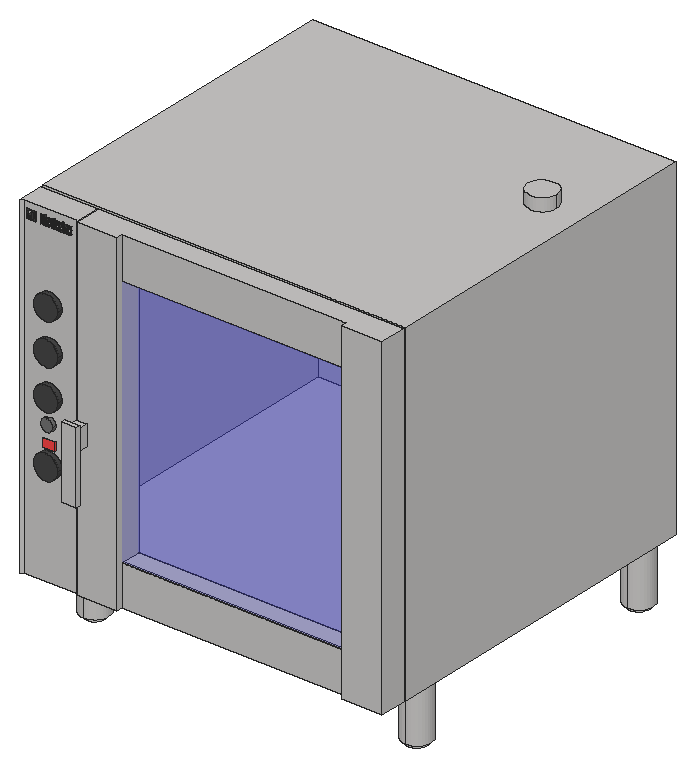
Revit family "QF_ELECTROLUXPROFESSIONAL_240004_FCF10EOEM", category Specialty Equipment, Revit 2018
Family settings
  Round Connector Dimension = Use Diameter
  Part Type = Normal
  Work Plane-Based = No
  Always vertical = Yes
  Cut with Voids When Loaded = No
  Shared = No
  Room Calculation Point = No
Parameters (values of type "Standard")
  Weight = 121.20 kg
  Watts = 0 W
  Volts = 380 V
  URL Manufacturer = "http://professional.electrolux.com"
  URL = "http://professional.electrolux.com"
  Steam Supply Size = 0 mm
  Steam Supply Minimum Pressure = 0.0 Pa
  Steam Supply Maximum Pressure = 0.0 Pa
  Steam Pounds per Hour = 0
  Refrigeration Suction Line Size = 0 mm
  Refrigeration Liquid Line Size = 0 mm
  Refrigerant Compressor Remote = yes
  Manufacturer = "Electrolux Professional"
  Phase = 3
  Model = "FCF10EOEM"
  Length Actual = 890 mm  # constant formula
  Item Number = "240004"
  Hot Water Size = 0 mm
  Height Actual = 970 mm  # constant formula
  HP = "23.2 HP"
  Gas Size = 0 mm
  Gas KW = 0
  Gas Input Pressure = 0 W
  Direct Waste Size = 25 mm
  Description = "EL.CONV.OVEN 10GN1/1-SMART STEAM"
  Depth Actual = 900 mm  # constant formula
  Cycle = 50 Hz
  Condensate Return Size = 0 mm
  Compressed Air Volume = 0.0 L/s
  Compressed Air Size = 0 mm
  Compressed Air Pressure = 0.0 Pa
  Cold Water Size = 19.05 mm
  Accessory = yes
Types (2, lengths in mm): name | URL | Manufacturer | Phase | Model | Description | Cold Water Size
  (no name) | 0 | 0 | 0 | 0 | 0 | 0
  Standard | "http://professional.electrolux.com" | "Electrolux Professional" | 3 | "FCF10EOEM" | "EL.CONV.OVEN 10GN1/1-SMART STEAM" | 19.05
Values of the unnamed type that differ from the named types
  Volts = 0 V
  URL Manufacturer = ""
  Item Number = ""
  Cycle = 0 Hz
Reference planes
  plane 1 "Center (Front/Back)": y = 137.5
  plane 2: z = 0
  plane 3 "Center (Left/Right)": x = 0
  plane 4 "TOP": z = 1670
  plane 5 "FRONT": y = -312.5
  plane 6 "BACK": y = 587.5
  plane 7 "LEFT": x = -445
  plane 8 "RIGHT": x = 445
  plane 9 "FEET": z = 700
  plane 10 "BASE": z = 850
  plane 11: y = -247.5
  plane 12 "DrainX": y = 387.5
  plane 13 "DrainY": x = -139
  plane 14 "CWI_Y": x = -365
  plane 15 "CWI_X": y = 162.5
  plane 16 "FbY": y = 537.5
  plane 17 "FfY": y = -143.5
  plane 18 "FLr": x = 395
  plane 19 "FLx": x = -395
  plane 20 "EIy": x = -346
  plane 21 "EIx": y = -72.5
Forms (mm)
  Extrusion 1, solid, material "QF_Finishes_Stainless Steel"
    sketch origin (0, 0, 0) x (1, 0, 0) y (0, 1, 0)
      loop
        line (-445, 587.5) -> (-445, -240.5) -> (445, -240.5) -> (445, 587.5) -> (-445, 587.5)
    from 850 to 1670
  Extrusion 2, solid
    sketch origin (83, 224.27, 846.8) x (0, 1, 0) y (-1, 0, 0)
      loop
        circle (-297, 429) r 10
    from 0 to 3.2
  Extrusion 3, void
    sketch origin (0, 587.5, 0) x (-1, 0, 0) y (0, 0, 1)
      loop
        line (385, 1620) -> (-385, 1620) -> (-385, 933.452) -> (385, 933.452) -> (385, 1620)
    from -59 to -900
  Extrusion 4, solid, material "QF_Finishes_Stainless Steel"
    sketch origin (0, 0, 850) x (-1, 0, 0) y (0, -1, 0)
      loop
        circle (139, -387.5) r 16.5
    from -2 to 0
  Extrusion 5, solid, material "QF_Finishes_Stainless Steel"
    sketch origin (0, 0, 850) x (-1, 0, 0) y (0, -1, 0)
      loop
        circle (365, -162.5) r 16.5
    from -2 to 0
  Extrusion 6, solid, material "QF_Finishes_Stainless Steel"
    sketch origin (0, 0, 850) x (-1, 0, 0) y (0, -1, 0)
      loop
        line (438.535, 307.5) -> (310, 307.5) -> (305, 312.5) -> (305, 247.5) -> (443.535, 247.5) -> (443.535, 312.5) -> (438.535, 307.5)
    from 820 to 0
  Extrusion 7, solid, material "QF_Finishes_Stainless Steel"
    sketch origin (0, 0, 850) x (-1, 0, 0) y (0, -1, 0)
      loop
        line (305, 312.5) -> (205, 312.5) -> (205, 297.5) -> (-345, 297.5) -> (-345, 312.5) -> (-445, 312.5) -> (-445, 247.5) -> (305, 247.5) -> (305, 312.5)
    from 820 to 0
  Extrusion 8, solid, material "QF_Finishes_Stainless Steel"
    sketch origin (0, -312.5, -175) x (-1, 0, 0) y (0, 0, 1)
      loop
        line (305, 1410) -> (280, 1410) -> (280, 1360) -> (305, 1360) -> (305, 1410)
    from 0 to -28
  Extrusion 9, solid, material "QF_Finishes_Stainless Steel"
    sketch origin (-5, -312.5, -175) x (-1, 0, 0) y (0, 0, 1)
      loop
        line (305, 1420) -> (270, 1420) -> (270, 1245) -> (305, 1245) -> (305, 1420)
    from -28 to -38
  Extrusion 10, void
    sketch origin (0, -312.5, 0) x (-1, 0, 0) y (0, 0, 1)
      loop
        line (205, 1570) -> (-345, 1570) -> (-345, 950) -> (205, 950) -> (205, 1570)
    from 72 to 0
  Extrusion 11, solid, material "Glass"
    sketch origin (0, -312.5, 0) x (-1, 0, 0) y (0, 0, 1)
      loop
        line (-345, 950) -> (205, 950) -> (205, 1570) -> (-345, 1570) -> (-345, 950)
    from 15 to 17
  Extrusion 12, solid, material "Glass"
    sketch origin (0, -312.5, 0) x (-1, 0, 0) y (0, 0, 1)
      loop
        line (-345, 950) -> (205, 950) -> (205, 1570) -> (-345, 1570) -> (-345, 950)
    from 65 to 63
  Extrusion 13, solid, material "QF_Finishes_Stainless Steel"
    sketch origin (0, 0, 700) x (0, 1, 0) y (-1, 0, 0)
      loop
        circle (537.5, -395) r 25
      loop
        circle (-143.5, -395) r 25
      loop
        circle (-143.5, 395) r 25
      loop
        circle (537.5, 395) r 25
    from 10 to 0
  Extrusion 14, solid, material "QF_Finishes_Stainless Steel"
    sketch origin (0, 0, 700) x (0, 1, 0) y (-1, 0, 0)
      loop
        circle (537.5, -395) r 35
      loop
        circle (-143.5, -395) r 35
      loop
        circle (-143.5, 395) r 35
      loop
        circle (537.5, 395) r 35
    from 10 to 150
  Extrusion 15, solid, material "QF_Finishes_Stainless Steel"
    sketch origin (0, 0, 1670) x (-1, 0, 0) y (0, -1, 0)
      loop
        circle (-344.5, -304.5) r 35
    from 30 to 0
  Extrusion 16, solid, material "QF_Finishes_Black"
    sketch origin (0, -312.5, 0) x (-1, 0, 0) y (0, 0, 1)
      loop
        circle (375, 1460) r 30
      loop
        circle (375, 1360) r 30
      loop
        circle (375, 1260) r 30
      loop
        circle (375, 1110) r 30
    from 5 to -7
  Extrusion 17, solid, material "QF_Finishes_Dark Grey"
    sketch origin (0, -312.5, 0) x (-1, 0, 0) y (0, 0, 1)
      loop
        circle (375, 1200) r 15
    from 5 to -3
  Extrusion 18, solid, material "QF_Finishes_Red"
    sketch origin (0, -312.5, -40) x (-1, 0, 0) y (0, 0, 1)
      loop
        line (360, 1185) -> (390, 1185) -> (390, 1205) -> (360, 1205) -> (360, 1185)
    from 5 to 3.4
  Extrusion 19, solid, material "QF_Finishes_Black"
    sketch origin (0, -312.5, 0) x (-1, 0, 0) y (0, 0, 1)
      loop
        arc (416.043, 1653.92) -> (408.726, 1644.022) -> (416.043, 1634.125) r 10.352
        line (416.043, 1634.125) -> (416.043, 1653.92)
      loop
        line (417.05, 1653.92) -> (417.05, 1652.486)
        arc (417.05, 1652.486) -> (420.124, 1646.971) -> (425.974, 1644.596) r 9.509
        line (425.974, 1644.596) -> (429.249, 1644.596)
        arc (429.249, 1644.596) -> (425.282, 1652.049) -> (417.05, 1653.92) r 10.145
      loop
        line (417.05, 1635.558) -> (417.05, 1633.871)
        arc (417.05, 1633.871) -> (425.289, 1635.935) -> (429.249, 1643.449) r 10.411
        line (429.249, 1643.449) -> (425.974, 1643.449)
        arc (425.974, 1643.449) -> (420.124, 1641.074) -> (417.05, 1635.558) r 9.509
      loop
        line (430, 1655) -> (407.97, 1655) -> (407.97, 1633) -> (430, 1633) -> (430, 1655)
    from 5 to 3.4
  Extrusion 20, solid, material "QF_Finishes_Black"
    sketch origin (0, -312.5, 0) x (-1, 0, 0) y (0, 0, 1)
      loop
        line (388.252, 1654.787) -> (388.252, 1652.843) -> (393.622, 1652.843) -> (393.622, 1650.005) -> (388.574, 1650.005) -> (388.574, 1648.055) -> (393.622, 1648.055) -> (393.622, 1646.338)
        arc (393.622, 1646.338) -> (393.097, 1645.146) -> (391.863, 1644.729) r 1.615
        line (391.863, 1644.729) -> (388.108, 1644.729) -> (388.108, 1642.787) -> (392.347, 1642.787)
        arc (392.347, 1642.787) -> (394.71, 1643.765) -> (395.688, 1646.128) r 3.341
        line (395.688, 1646.128) -> (395.688, 1654.787) -> (388.252, 1654.787)
      loop
        line (386.64, 1654.787) -> (384.573, 1654.787) -> (384.573, 1642.787) -> (386.64, 1642.787) -> (386.64, 1654.787)
      loop
        line (341.748, 1654.787) -> (339.68, 1654.787) -> (339.68, 1642.787) -> (341.748, 1642.787) -> (341.748, 1654.787)
      loop
        arc (381.155, 1646.619) -> (380.764, 1645.308) -> (379.625, 1644.549) r 2.013
        arc (379.625, 1644.549) -> (377.758, 1644.387) -> (376.151, 1645.352) r 3.039
        line (376.151, 1645.352) -> (374.926, 1644.127)
        arc (374.926, 1644.127) -> (376.817, 1642.854) -> (379.072, 1642.522) r 5.15
        arc (379.072, 1642.522) -> (381.969, 1643.722) -> (383.169, 1646.619) r 4.097
        arc (383.169, 1646.619) -> (382.257, 1650.083) -> (379.062, 1651.704) r 4.373
        arc (379.062, 1651.704) -> (375.433, 1650.345) -> (374.372, 1646.619) r 4.298
        line (374.372, 1646.619) -> (381.155, 1646.619)
      loop
        arc (381.103, 1648.072) -> (380.193, 1649.521) -> (378.538, 1649.953) r 2.321
        arc (378.538, 1649.953) -> (377.102, 1649.447) -> (376.449, 1648.072) r 1.983
        line (376.449, 1648.072) -> (381.103, 1648.072)
      loop
        arc (366.315, 1648.937) -> (367.979, 1649.847) -> (369.853, 1649.561) r 2.961
        arc (369.853, 1649.561) -> (371.024, 1648.32) -> (371.163, 1646.619) r 2.578
        arc (371.163, 1646.619) -> (369.167, 1644.468) -> (366.381, 1645.39) r 2.714
        line (366.381, 1645.39) -> (365.09, 1644.099)
        arc (365.09, 1644.099) -> (370.554, 1642.969) -> (373.223, 1647.869) r 4.684
        arc (373.223, 1647.869) -> (371.639, 1650.663) -> (368.623, 1651.765) r 4.652
        arc (368.623, 1651.765) -> (366.645, 1651.413) -> (365.017, 1650.235) r 4.497
        line (365.017, 1650.235) -> (366.315, 1648.937)
      loop
        line (363.748, 1654.787) -> (361.681, 1654.787) -> (361.681, 1651.466) -> (359.803, 1651.466) -> (359.803, 1649.588) -> (361.681, 1649.588) -> (361.681, 1646.619)
        arc (361.681, 1646.619) -> (361.503, 1645.669) -> (360.838, 1644.966) r 1.713
        arc (360.838, 1644.966) -> (360.32, 1644.761) -> (359.765, 1644.718) r 1.862
        line (359.765, 1644.718) -> (359.765, 1642.782)
        arc (359.765, 1642.782) -> (361.633, 1643.028) -> (363.109, 1644.201) r 3.531
        arc (363.109, 1644.201) -> (363.569, 1645.356) -> (363.748, 1646.587) r 5.301
        line (363.748, 1646.587) -> (363.748, 1654.787)
      loop
        line (356.014, 1647.349) -> (356.014, 1642.787) -> (358.064, 1642.787) -> (358.064, 1651.466) -> (356.014, 1651.466) -> (356.014, 1650.215)
        arc (356.014, 1650.215) -> (354.628, 1651.404) -> (352.81, 1651.575) r 3.016
        line (352.81, 1651.575) -> (352.81, 1649.588)
        arc (352.81, 1649.588) -> (354.202, 1649.617) -> (355.44, 1648.981) r 2.84
        arc (355.44, 1648.981) -> (355.866, 1648.214) -> (356.014, 1647.349) r 2.607
      loop
        circle (347.756, 1647.125) r 4.599
      loop
        circle (347.756, 1647.125) r 2.787
      loop
        line (332.225, 1646.401) -> (332.225, 1651.466) -> (330.141, 1651.466) -> (330.141, 1646.314)
        arc (330.141, 1646.314) -> (331.296, 1643.554) -> (334.12, 1642.567) r 3.675
        arc (334.12, 1642.567) -> (336.913, 1643.525) -> (338.099, 1646.229) r 3.675
        line (338.099, 1646.229) -> (338.099, 1651.466) -> (336.015, 1651.466) -> (336.015, 1646.401)
        arc (336.015, 1646.401) -> (335.504, 1644.998) -> (334.12, 1644.439) r 1.835
        arc (334.12, 1644.439) -> (332.735, 1644.998) -> (332.225, 1646.401) r 1.835
      loop
        line (328.892, 1651.466) -> (326.656, 1651.466) -> (324.784, 1648.889) -> (322.883, 1651.466) -> (320.627, 1651.466) -> (323.599, 1647.438) -> (320.348, 1642.784) -> (322.556, 1642.784) -> (324.777, 1645.841) -> (326.966, 1642.784) -> (329.188, 1642.784) -> (325.89, 1647.391) -> (328.892, 1651.466)
      loop
        arc (394.526, 1637.812) -> (393.16, 1636.566) -> (394.275, 1635.091) r 1.372
        line (394.275, 1635.091) -> (395.272, 1635.091) -> (395.272, 1633.662) -> (396.174, 1633.662) -> (396.174, 1637.812) -> (394.526, 1637.812)
      loop
        line (394.314, 1635.907) -> (395.272, 1635.907) -> (395.272, 1636.974) -> (394.314, 1636.974)
        arc (394.314, 1636.974) -> (393.973, 1636.44) -> (394.314, 1635.907) r 0.587
      loop
        arc (388.014, 1637.812) -> (387.056, 1637.422) -> (386.644, 1636.474) r 1.37
        arc (386.644, 1636.474) -> (386.775, 1635.879) -> (387.167, 1635.412) r 1.281
        line (387.167, 1635.412) -> (386.35, 1633.662) -> (387.319, 1633.662) -> (387.916, 1635.091) -> (388.788, 1635.091) -> (388.788, 1633.662) -> (389.69, 1633.662) -> (389.69, 1637.812) -> (388.014, 1637.812)
      loop
        line (388.788, 1636.974) -> (387.831, 1636.974)
        arc (387.831, 1636.974) -> (387.489, 1636.44) -> (387.831, 1635.907) r 0.587
        line (387.831, 1635.907) -> (388.788, 1635.907) -> (388.788, 1636.974)
      loop
        circle (381.052, 1635.737) r 2.156
      loop
        circle (381.052, 1635.737) r 1.368
      loop
        line (375.353, 1637.812) -> (372.762, 1637.812) -> (372.762, 1636.918) -> (374.473, 1636.918) -> (374.473, 1636.042) -> (372.911, 1636.042) -> (372.911, 1635.112) -> (374.473, 1635.112) -> (374.473, 1633.662) -> (375.353, 1633.662) -> (375.353, 1637.812)
      loop
        line (369.262, 1637.812) -> (366.635, 1637.812) -> (366.635, 1637.028) -> (368.409, 1637.028) -> (368.409, 1636.211) -> (366.75, 1636.211) -> (366.75, 1635.427) -> (368.409, 1635.427)
        arc (368.409, 1635.427) -> (368.318, 1634.832) -> (367.854, 1634.449) r 0.845
        line (367.854, 1634.449) -> (366.595, 1634.449) -> (366.595, 1633.665) -> (367.934, 1633.665)
        arc (367.934, 1633.665) -> (368.879, 1634.06) -> (369.262, 1635.01) r 1.327
        line (369.262, 1635.01) -> (369.262, 1637.812)
      loop
        line (354.233, 1637.286) -> (354.707, 1636.664)
        arc (354.707, 1636.664) -> (355.069, 1636.985) -> (355.54, 1637.098) r 0.998
        arc (355.54, 1637.098) -> (355.933, 1636.785) -> (355.661, 1636.362) r 0.375
        arc (355.661, 1636.362) -> (355.19, 1636.186) -> (354.731, 1635.981) r 8.236
        arc (354.731, 1635.981) -> (354.369, 1635.744) -> (354.085, 1635.417) r 1.564
        arc (354.085, 1635.417) -> (353.953, 1634.706) -> (354.208, 1634.03) r 1.349
        arc (354.208, 1634.03) -> (354.784, 1633.724) -> (355.423, 1633.596) r 2.246
        arc (355.423, 1633.596) -> (355.94, 1633.648) -> (356.418, 1633.852) r 1.719
        arc (356.418, 1633.852) -> (356.84, 1634.233) -> (357.101, 1634.738) r 1.595
        line (357.101, 1634.738) -> (356.375, 1635.076)
        arc (356.375, 1635.076) -> (356.169, 1634.715) -> (355.832, 1634.472) r 0.983
        arc (355.832, 1634.472) -> (355.441, 1634.373) -> (355.049, 1634.466) r 0.846
        arc (355.049, 1634.466) -> (354.838, 1634.889) -> (355.144, 1635.25) r 0.43
        arc (355.144, 1635.25) -> (355.63, 1635.485) -> (356.141, 1635.655) r 4.201
        arc (356.141, 1635.655) -> (356.748, 1636.382) -> (356.651, 1637.325) r 1.217
        arc (356.651, 1637.325) -> (356.122, 1637.723) -> (355.479, 1637.881) r 1.645
        arc (355.479, 1637.881) -> (354.783, 1637.737) -> (354.233, 1637.286) r 1.485
      loop
        line (350.426, 1637.812) -> (349.573, 1637.812) -> (349.573, 1633.665) -> (350.426, 1633.665) -> (350.426, 1637.812)
      loop
        circle (343.824, 1635.739) r 1.29
      loop
        circle (343.824, 1635.739) r 2.154
      loop
        line (338.103, 1633.665) -> (338.103, 1637.812) -> (337.273, 1637.812) -> (335.376, 1635.126) -> (335.376, 1637.812) -> (334.515, 1637.812) -> (334.515, 1633.665) -> (335.344, 1633.665) -> (337.241, 1636.273) -> (337.241, 1633.665) -> (338.103, 1633.665)
      loop
        line (330.216, 1633.665) -> (331.131, 1633.665) -> (329.509, 1637.812) -> (328.709, 1637.812) -> (326.957, 1633.665) -> (327.874, 1633.665) -> (328.278, 1634.56) -> (329.812, 1634.56) -> (330.216, 1633.665)
      loop
        line (328.66, 1635.411) -> (329.47, 1635.411) -> (329.071, 1636.322) -> (328.66, 1635.411)
      loop
        line (322.722, 1634.449) -> (321.127, 1634.449) -> (321.127, 1633.665) -> (323.575, 1633.665) -> (323.575, 1637.812) -> (322.722, 1637.812) -> (322.722, 1634.449)
      loop
        line (360.451, 1637.286) -> (360.925, 1636.664)
        arc (360.925, 1636.664) -> (361.287, 1636.985) -> (361.757, 1637.098) r 0.998
        arc (361.757, 1637.098) -> (362.15, 1636.785) -> (361.878, 1636.362) r 0.375
        arc (361.878, 1636.362) -> (361.408, 1636.186) -> (360.949, 1635.981) r 8.236
        arc (360.949, 1635.981) -> (360.586, 1635.744) -> (360.302, 1635.417) r 1.564
        arc (360.302, 1635.417) -> (360.171, 1634.706) -> (360.425, 1634.03) r 1.349
        arc (360.425, 1634.03) -> (361.001, 1633.724) -> (361.641, 1633.596) r 2.246
        arc (361.641, 1633.596) -> (362.158, 1633.648) -> (362.636, 1633.852) r 1.719
        arc (362.636, 1633.852) -> (363.057, 1634.233) -> (363.319, 1634.738) r 1.595
        line (363.319, 1634.738) -> (362.593, 1635.076)
        arc (362.593, 1635.076) -> (362.386, 1634.715) -> (362.049, 1634.472) r 0.983
        arc (362.049, 1634.472) -> (361.659, 1634.373) -> (361.267, 1634.466) r 0.846
        arc (361.267, 1634.466) -> (361.055, 1634.889) -> (361.362, 1635.25) r 0.43
        arc (361.362, 1635.25) -> (361.847, 1635.485) -> (362.358, 1635.655) r 4.201
        arc (362.358, 1635.655) -> (362.966, 1636.382) -> (362.868, 1637.325) r 1.217
        arc (362.868, 1637.325) -> (362.34, 1637.723) -> (361.697, 1637.881) r 1.645
        arc (361.697, 1637.881) -> (361, 1637.737) -> (360.451, 1637.286) r 1.485
    from 5 to 3.4
Cuts and joins
  Extrusion 3 cuts Extrusion 1
  Extrusion 10 cuts Extrusion 7
Lines and regions (mm)
  symbolic lines
    curve 1: line (445, 587.5, 1670) -> (-445, 587.5, 1670)
    curve 2: line (-445, 587.5, 1670) -> (-445, -240.5, 1670)
    curve 3: line (445, -240.5, 1670) -> (445, 587.5, 1670)
    curve 4: circle (344.5, 304.5, 1670) r 35 normal (0, 0, 1)
    curve 5: line (-445, -240.5, 1670) -> (445, -240.5, 1670)
    curve 6: line (-443.535, -247.5, 1670) -> (-443.535, -312.5, 1670)
    curve 7: line (-305, -247.5, 1670) -> (-443.535, -247.5, 1670)
    curve 8: line (-443.535, -312.5, 1670) -> (-438.535, -307.5, 1670)
    curve 9: line (-438.535, -307.5, 1670) -> (-310, -307.5, 1670)
    curve 10: line (-310, -307.5, 1670) -> (-305, -312.5, 1670)
    curve 11: line (-305, -312.5, 1670) -> (-305, -340.5, 1670)
    curve 12: line (-280, -340.5, 1670) -> (-280, -312.5, 1670)
    curve 13: line (-275, -340.5, 1670) -> (-310, -340.5, 1670)
    curve 14: line (-310, -350.5, 1670) -> (-275, -350.5, 1670)
    curve 15: line (-310, -340.5, 1670) -> (-310, -350.5, 1670)
    curve 16: line (-275, -350.5, 1670) -> (-275, -340.5, 1670)
    curve 17: line (-305, -312.5, 1670) -> (-205, -312.5, 1670)
    curve 18: line (-405, -319.5, 1670) -> (-345, -319.5, 1670)
    curve 19: line (-405, -319.5, 1670) -> (-405, -307.5, 1670)
    curve 20: line (-345, -319.5, 1670) -> (-345, -307.5, 1670)
    curve 21: line (-205, -312.5, 1670) -> (-205, -247.5, 1670)
    curve 22: line (345, -312.5, 1670) -> (445, -312.5, 1670)
    curve 23: line (445, -312.5, 1670) -> (445, -247.5, 1670)
    curve 24: line (445, -247.5, 1670) -> (-305, -247.5, 1670)
    curve 25: line (-205, -307.5, 1670) -> (345, -307.5, 1670)
    curve 26: line (-305, -247.5, 1670) -> (-305, -312.5, 1670)
    curve 27: line (345, -247.5, 1670) -> (345, -312.5, 1670)
Dimensions and locks
  equal spacing: plane 7 "LEFT", plane 3 "Center (Left/Right)", plane 8 "RIGHT"
  plane 7 "LEFT" to plane 8 "RIGHT" = 890 mm
  plane 6 "BACK" to plane 5 "FRONT" = 900 mm
  plane 4 "TOP" to plane 2 = 1670 mm
  equal spacing: plane 8 "RIGHT", plane 3 "Center (Left/Right)", plane 7 "LEFT"
  cut or joined group of Extrusion 1, Extrusion 3 to cut or joined group of Extrusion 1, Extrusion 3 = 770 mm
  plane 8 "RIGHT" to plane 7 "LEFT" = 890 mm
  locked: plane 4 "TOP" to plane 10 "BASE" at 820
  locked: plane 10 "BASE" to plane 9 "FEET" at 150
  plane 7 "LEFT" to plane 13 "DrainY" = 306 mm
  plane 6 "BACK" to plane 12 "DrainX" = 200 mm
  plane 7 "LEFT" to plane 14 "CWI_Y" = 80 mm
  plane 6 "BACK" to plane 15 "CWI_X" = 425 mm
  plane 4 "TOP" to Extrusion 10 sketch curve = 100 mm
  Extrusion 10 sketch curve to plane 10 "BASE" = 100 mm
  Extrusion 10 sketch curve to plane 8 "RIGHT" = 100 mm
  Extrusion 7 to Extrusion 10 sketch curve = 100 mm
  locked: plane 7 "LEFT" to plane 19 "FLx" at 50
  locked: plane 18 "FLr" to plane 8 "RIGHT" at 50
  locked: plane 6 "BACK" to plane 16 "FbY" at 50
  locked: plane 17 "FfY" to plane 5 "FRONT" at 169
  plane 7 "LEFT" to plane 20 "EIy" = 99 mm
  plane 6 "BACK" to plane 21 "EIx" = 660 mm
  locked: plane 11 to plane 5 "FRONT" at 65
  aligned and locked: level to plane 2
  aligned and locked: plane 4 "TOP" to cut or joined group of Extrusion 1, Extrusion 3
  aligned and locked: cut or joined group of Extrusion 1, Extrusion 3 to plane 10 "BASE"
  aligned and locked: cut or joined group of Extrusion 1, Extrusion 3 to plane 7 "LEFT"
  aligned and locked: cut or joined group of Extrusion 1, Extrusion 3 to plane 8 "RIGHT"
  aligned and locked: plane 6 "BACK" to cut or joined group of Extrusion 1, Extrusion 3
Automatic sketch dimensions
  Extrusion 1 sketch curve to plane 7 "LEFT" = 0 mm
  Extrusion 1 sketch curve to plane 8 "RIGHT" = 0 mm
  Extrusion 1 sketch curve to plane 6 "BACK" = 0 mm
  Extrusion 1 sketch curve to plane 11 = 7 mm
  Extrusion 2 sketch curve to plane 20 "EIy" = 0 mm
  Extrusion 2 sketch curve to plane 21 "EIx" = 0.23 mm
  Extrusion 3 sketch curve to plane 18 "FLr" = 10 mm
  plane 19 "FLx" to Extrusion 3 sketch curve = 10 mm
  plane 10 "BASE" to Extrusion 3 sketch curve = 83.452 mm
  Extrusion 3 sketch curve to plane 4 "TOP" = 50 mm
  Extrusion 4 sketch curve to plane 12 "DrainX" = 0 mm
  Extrusion 4 sketch curve to plane 13 "DrainY" = 0 mm
  Extrusion 5 sketch curve to plane 14 "CWI_Y" = 0 mm
  Extrusion 5 sketch curve to plane 15 "CWI_X" = 0 mm
  plane 11 to Extrusion 6 sketch curve = 0 mm
  Extrusion 6 sketch curve to plane 5 "FRONT" = 0 mm  (x2)
  plane 20 "EIy" to Extrusion 6 sketch curve = 41 mm
  Extrusion 6 sketch curve to Extrusion 6 sketch curve = 5 mm
  plane 7 "LEFT" to Extrusion 6 sketch curve = 6.465 mm
  plane 7 "LEFT" to Extrusion 6 sketch curve = 1.465 mm
  plane 5 "FRONT" to Extrusion 6 sketch curve = 5 mm
  plane 20 "EIy" to Extrusion 8 sketch curve = 66 mm
  Extrusion 8 sketch curve to Extrusion 8 sketch curve = 25 mm
  plane 10 "BASE" to Extrusion 8 sketch curve = 335 mm
  Extrusion 8 sketch curve to Extrusion 8 sketch curve = 50 mm
  plane 20 "EIy" to Extrusion 9 sketch curve = 71 mm
  Extrusion 9 sketch curve to Extrusion 9 sketch curve = 35 mm
  plane 10 "BASE" to Extrusion 9 sketch curve = 220 mm
  Extrusion 9 sketch curve to Extrusion 9 sketch curve = 175 mm
  Extrusion 11 sketch curve to plane 18 "FLr" = 50 mm
  Extrusion 11 sketch curve to plane 13 "DrainY" = 66 mm
  plane 10 "BASE" to Extrusion 11 sketch curve = 100 mm
  Extrusion 11 sketch curve to plane 4 "TOP" = 100 mm
  Extrusion 12 sketch curve to plane 18 "FLr" = 50 mm
  Extrusion 12 sketch curve to plane 13 "DrainY" = 66 mm
  plane 10 "BASE" to Extrusion 12 sketch curve = 100 mm
  Extrusion 12 sketch curve to plane 4 "TOP" = 100 mm
  Extrusion 13 sketch curve to plane 17 "FfY" = 0 mm  (x2)
  Extrusion 13 sketch curve to plane 16 "FbY" = 0 mm  (x2)
  Extrusion 13 sketch curve to plane 18 "FLr" = 0 mm  (x2)
  Extrusion 13 sketch curve to plane 19 "FLx" = 0 mm  (x2)
  Extrusion 14 sketch curve to plane 17 "FfY" = 0 mm  (x2)
  Extrusion 14 sketch curve to plane 16 "FbY" = 0 mm  (x2)
  Extrusion 14 sketch curve to plane 18 "FLr" = 0 mm  (x2)
  Extrusion 14 sketch curve to plane 19 "FLx" = 0 mm  (x2)
  Extrusion 15 sketch curve to plane 18 "FLr" = 50.5 mm
  Extrusion 15 sketch curve to plane 12 "DrainX" = 83 mm
  Extrusion 16 sketch curve to plane 14 "CWI_Y" = 10 mm  (x4)
  plane 10 "BASE" to Extrusion 16 sketch curve = 260 mm
  Extrusion 16 sketch curve to Extrusion 16 sketch curve = 150 mm
  Extrusion 16 sketch curve to Extrusion 16 sketch curve = 100 mm  (x2)
  Extrusion 17 sketch curve to plane 14 "CWI_Y" = 10 mm
  plane 10 "BASE" to Extrusion 17 sketch curve = 350 mm
  plane 14 "CWI_Y" to Extrusion 18 sketch curve = 5 mm
  plane 19 "FLx" to Extrusion 18 sketch curve = 5 mm
  plane 10 "BASE" to Extrusion 18 sketch curve = 295 mm
  Extrusion 18 sketch curve to Extrusion 18 sketch curve = 20 mm
  Extrusion 7 sketch curve to plane 5 "FRONT" = 0 mm  (x2)
  Extrusion 7 sketch curve to plane 8 "RIGHT" = 0 mm
  plane 11 to Extrusion 7 sketch curve = 0 mm
  Extrusion 7 sketch curve to plane 18 "FLr" = 50 mm
  plane 5 "FRONT" to Extrusion 7 sketch curve = 15 mm
  Extrusion 7 sketch curve to plane 13 "DrainY" = 66 mm
  plane 20 "EIy" to Extrusion 7 sketch curve = 41 mm
  curve 24 to plane 8 "RIGHT" = 0 mm
  curve 3 to plane 8 "RIGHT" = 0 mm
  curve 22 to plane 5 "FRONT" = 0 mm
  plane 11 to curve 27 = 0 mm
  curve 17 to plane 5 "FRONT" = 0 mm
  curve 8 to plane 5 "FRONT" = 0 mm
  curve 2 to plane 7 "LEFT" = 0 mm
  curve 1 to plane 6 "BACK" = 0 mm
  curve 22 to plane 18 "FLr" = 50 mm
  curve 4 to plane 18 "FLr" = 50.5 mm
  curve 17 to plane 13 "DrainY" = 66 mm
  plane 20 "EIy" to curve 16 = 71 mm
  plane 20 "EIy" to curve 26 = 41 mm
  curve 11 to curve 15 = 5 mm
  plane 5 "FRONT" to curve 10 = 5 mm
  curve 10 to curve 10 = 5 mm
  plane 20 "EIy" to curve 20 = 1 mm
  curve 19 to plane 19 "FLx" = 10 mm
  plane 7 "LEFT" to curve 9 = 6.465 mm
  plane 7 "LEFT" to curve 6 = 1.465 mm
  curve 4 to plane 12 "DrainX" = 83 mm
  curve 3 to plane 11 = 7 mm
  curve 19 to plane 5 "FRONT" = 7 mm
  curve 13 to plane 5 "FRONT" = 28 mm
  curve 13 to curve 14 = 10 mm
  curve 13 to curve 12 = 5 mm
  plane 5 "FRONT" to curve 25 = 5 mm
  Extrusion 19 sketch curve to plane 19 "FLx" = 12.97 mm
  Extrusion 19 sketch curve to Extrusion 19 sketch curve = 8.073 mm
  Extrusion 19 sketch curve to Extrusion 19 sketch curve = 1.007 mm  (x2)
  Extrusion 19 sketch curve to Extrusion 19 sketch curve = 1.81 mm
  Extrusion 19 sketch curve to Extrusion 19 sketch curve = 0.219 mm
  Extrusion 19 sketch curve to Extrusion 19 sketch curve = 0.043 mm
  Extrusion 19 sketch curve to Extrusion 19 sketch curve = 6.852 mm
  Extrusion 19 sketch curve to Extrusion 19 sketch curve = 0 mm  (x2)
  Extrusion 19 sketch curve to Extrusion 19 sketch curve = 9.372 mm  (x2)
  Extrusion 19 sketch curve to Extrusion 19 sketch curve = 3.275 mm
  Extrusion 19 sketch curve to Extrusion 19 sketch curve = 3.578 mm
  Extrusion 19 sketch curve to plane 4 "TOP" = 37 mm
  Extrusion 19 sketch curve to Extrusion 19 sketch curve = 0.871 mm
  Extrusion 19 sketch curve to Extrusion 19 sketch curve = 0.95 mm
  Extrusion 19 sketch curve to Extrusion 19 sketch curve = 0.254 mm
  Extrusion 19 sketch curve to Extrusion 19 sketch curve = 1.688 mm
  Extrusion 19 sketch curve to Extrusion 19 sketch curve = 0.135 mm
  Extrusion 19 sketch curve to Extrusion 19 sketch curve = 0.034 mm
  Extrusion 19 sketch curve to Extrusion 19 sketch curve = 1.148 mm
  Extrusion 19 sketch curve to Extrusion 19 sketch curve = 1.433 mm
  Extrusion 19 sketch curve to Extrusion 19 sketch curve = 1.08 mm
  Extrusion 20 sketch curve to Extrusion 20 sketch curve = 0 mm  (x39)
  plane 20 "EIy" to Extrusion 20 sketch curve = 25.652 mm
  Extrusion 20 sketch curve to Extrusion 20 sketch curve = 0.278 mm
  Extrusion 20 sketch curve to Extrusion 20 sketch curve = 0.779 mm
  Extrusion 20 sketch curve to Extrusion 20 sketch curve = 2.208 mm
  Extrusion 20 sketch curve to Extrusion 20 sketch curve = 1.595 mm
  Extrusion 20 sketch curve to Extrusion 20 sketch curve = 2.256 mm
  Extrusion 20 sketch curve to Extrusion 20 sketch curve = 0.853 mm  (x3)
  Extrusion 20 sketch curve to Extrusion 20 sketch curve = 0.716 mm
  Extrusion 20 sketch curve to Extrusion 20 sketch curve = 1.178 mm
  Extrusion 20 sketch curve to Extrusion 20 sketch curve = 1.185 mm
  Extrusion 20 sketch curve to Extrusion 20 sketch curve = 1.106 mm
  Extrusion 20 sketch curve to Extrusion 20 sketch curve = 1.872 mm
  Extrusion 20 sketch curve to Extrusion 20 sketch curve = 3.383 mm
  Extrusion 20 sketch curve to Extrusion 20 sketch curve = 2.189 mm
  Extrusion 20 sketch curve to Extrusion 20 sketch curve = 0.917 mm
  Extrusion 20 sketch curve to Extrusion 20 sketch curve = 0.404 mm  (x2)
  Extrusion 20 sketch curve to Extrusion 20 sketch curve = 0.383 mm
  Extrusion 20 sketch curve to Extrusion 20 sketch curve = 0.049 mm  (x2)
  Extrusion 20 sketch curve to Extrusion 20 sketch curve = 2.236 mm
  Extrusion 20 sketch curve to Extrusion 20 sketch curve = 0.411 mm
  Extrusion 20 sketch curve to Extrusion 20 sketch curve = 2.222 mm
  Extrusion 20 sketch curve to Extrusion 20 sketch curve = 0.81 mm
  Extrusion 20 sketch curve to Extrusion 20 sketch curve = 0.8 mm
  Extrusion 20 sketch curve to Extrusion 20 sketch curve = 0.341 mm
  Extrusion 20 sketch curve to Extrusion 20 sketch curve = 1.249 mm
  Extrusion 20 sketch curve to Extrusion 20 sketch curve = 0.916 mm
  Extrusion 20 sketch curve to Extrusion 20 sketch curve = 2.084 mm
  Extrusion 20 sketch curve to Extrusion 20 sketch curve = 1.59 mm  (x2)
  Extrusion 20 sketch curve to Extrusion 20 sketch curve = 0.24 mm  (x2)
  Extrusion 20 sketch curve to Extrusion 20 sketch curve = 0.129 mm
  Extrusion 20 sketch curve to Extrusion 20 sketch curve = 5.006 mm
  Extrusion 20 sketch curve to Extrusion 20 sketch curve = 0.829 mm  (x2)
  Extrusion 20 sketch curve to Extrusion 20 sketch curve = 0.033 mm
  Extrusion 20 sketch curve to Extrusion 20 sketch curve = 1.865 mm
  Extrusion 20 sketch curve to Extrusion 20 sketch curve = 0.032 mm  (x3)
  Extrusion 20 sketch curve to Extrusion 20 sketch curve = 2.085 mm
  Extrusion 20 sketch curve to Extrusion 20 sketch curve = 1.581 mm
  Extrusion 20 sketch curve to Extrusion 20 sketch curve = 2.068 mm
  plane 20 "EIy" to Extrusion 20 sketch curve = 2.176 mm
  Extrusion 20 sketch curve to plane 20 "EIy" = 1.756 mm
  Extrusion 20 sketch curve to plane 20 "EIy" = 3.573 mm
  Extrusion 20 sketch curve to Extrusion 20 sketch curve = 5.054 mm
  Extrusion 20 sketch curve to Extrusion 20 sketch curve = 0.596 mm
  Extrusion 20 sketch curve to Extrusion 20 sketch curve = 0.639 mm
  Extrusion 20 sketch curve to Extrusion 20 sketch curve = 0.156 mm
  Extrusion 20 sketch curve to Extrusion 20 sketch curve = 3.807 mm
  Extrusion 20 sketch curve to Extrusion 20 sketch curve = 0.474 mm  (x2)
  Extrusion 20 sketch curve to Extrusion 20 sketch curve = 0.558 mm  (x2)
  Extrusion 20 sketch curve to Extrusion 20 sketch curve = 0.1 mm  (x2)
  Extrusion 20 sketch curve to Extrusion 20 sketch curve = 0.709 mm  (x2)
  Extrusion 20 sketch curve to Extrusion 20 sketch curve = 0.006 mm  (x2)
  Extrusion 20 sketch curve to Extrusion 20 sketch curve = 0.137 mm  (x2)
  Extrusion 20 sketch curve to Extrusion 20 sketch curve = 0.005 mm  (x3)
  Extrusion 20 sketch curve to Extrusion 20 sketch curve = 0.073 mm  (x2)
  Extrusion 20 sketch curve to Extrusion 20 sketch curve = 0.114 mm  (x3)
  Extrusion 20 sketch curve to Extrusion 20 sketch curve = 0.008 mm  (x2)
  Extrusion 20 sketch curve to Extrusion 20 sketch curve = 0.14 mm  (x2)
  Extrusion 20 sketch curve to Extrusion 20 sketch curve = 0.066 mm  (x2)
  Extrusion 20 sketch curve to Extrusion 20 sketch curve = 0.022 mm  (x2)
  Extrusion 20 sketch curve to Extrusion 20 sketch curve = 2.564 mm
  Extrusion 20 sketch curve to Extrusion 20 sketch curve = 2.451 mm
  Extrusion 20 sketch curve to Extrusion 20 sketch curve = 0.798 mm  (x2)
  Extrusion 20 sketch curve to Extrusion 20 sketch curve = 0.726 mm  (x2)
  Extrusion 20 sketch curve to Extrusion 20 sketch curve = 0.11 mm
  Extrusion 20 sketch curve to Extrusion 20 sketch curve = 2.05 mm
  Extrusion 20 sketch curve to Extrusion 20 sketch curve = 1.104 mm
  Extrusion 20 sketch curve to Extrusion 20 sketch curve = 2.435 mm
  Extrusion 20 sketch curve to Extrusion 20 sketch curve = 1.316 mm
  Extrusion 20 sketch curve to Extrusion 20 sketch curve = 1.739 mm
  Extrusion 20 sketch curve to Extrusion 20 sketch curve = 1.452 mm
  Extrusion 20 sketch curve to Extrusion 20 sketch curve = 0.075 mm
  Extrusion 20 sketch curve to Extrusion 20 sketch curve = 0.277 mm
  Extrusion 20 sketch curve to Extrusion 20 sketch curve = 3.35 mm
  Extrusion 20 sketch curve to Extrusion 20 sketch curve = 1.877 mm  (x2)
  plane 14 "CWI_Y" to Extrusion 20 sketch curve = 1.571 mm
  plane 14 "CWI_Y" to Extrusion 20 sketch curve = 1.252 mm
  plane 14 "CWI_Y" to Extrusion 20 sketch curve = 0.467 mm
  Extrusion 20 sketch curve to plane 14 "CWI_Y" = 0.017 mm
  Extrusion 20 sketch curve to plane 14 "CWI_Y" = 0.09 mm
  Extrusion 20 sketch curve to plane 14 "CWI_Y" = 1.315 mm
  Extrusion 20 sketch curve to plane 14 "CWI_Y" = 1.381 mm
  Extrusion 20 sketch curve to plane 14 "CWI_Y" = 1.595 mm
  Extrusion 20 sketch curve to plane 14 "CWI_Y" = 1.635 mm
  Extrusion 20 sketch curve to Extrusion 20 sketch curve = 0.155 mm
  Extrusion 20 sketch curve to Extrusion 20 sketch curve = 0.833 mm
  Extrusion 20 sketch curve to Extrusion 20 sketch curve = 0.271 mm
  Extrusion 20 sketch curve to Extrusion 20 sketch curve = 0.08 mm
  Extrusion 20 sketch curve to Extrusion 20 sketch curve = 2.087 mm
  Extrusion 20 sketch curve to Extrusion 20 sketch curve = 0.826 mm
  Extrusion 20 sketch curve to Extrusion 20 sketch curve = 0.475 mm
  Extrusion 20 sketch curve to Extrusion 20 sketch curve = 0.089 mm
  Extrusion 20 sketch curve to Extrusion 20 sketch curve = 0.002 mm  (x3)
  Extrusion 20 sketch curve to Extrusion 20 sketch curve = 0.093 mm
  Extrusion 20 sketch curve to Extrusion 20 sketch curve = 0.085 mm
  Extrusion 20 sketch curve to Extrusion 20 sketch curve = 3.5 mm
  Extrusion 20 sketch curve to Extrusion 20 sketch curve = 0.15 mm
  Extrusion 20 sketch curve to Extrusion 20 sketch curve = 5.704 mm
  Extrusion 20 sketch curve to Extrusion 20 sketch curve = 1.562 mm
  Extrusion 20 sketch curve to Extrusion 20 sketch curve = 0.554 mm
  Extrusion 20 sketch curve to Extrusion 20 sketch curve = 0.88 mm
  Extrusion 20 sketch curve to Extrusion 20 sketch curve = 1.224 mm  (x2)
  Extrusion 20 sketch curve to Extrusion 20 sketch curve = 2.076 mm
  Extrusion 20 sketch curve to Extrusion 20 sketch curve = 1.98 mm
  Extrusion 20 sketch curve to Extrusion 20 sketch curve = 0.012 mm  (x5)
  Extrusion 20 sketch curve to Extrusion 20 sketch curve = 0.151 mm
  Extrusion 20 sketch curve to Extrusion 20 sketch curve = 0.084 mm
  Extrusion 20 sketch curve to Extrusion 20 sketch curve = 0.145 mm
  Extrusion 20 sketch curve to Extrusion 20 sketch curve = 0.262 mm
  Extrusion 20 sketch curve to Extrusion 20 sketch curve = 0.217 mm
  Extrusion 20 sketch curve to Extrusion 20 sketch curve = 0.074 mm
  Extrusion 20 sketch curve to Extrusion 20 sketch curve = 5.699 mm
  Extrusion 20 sketch curve to Extrusion 20 sketch curve = 2.282 mm
  Extrusion 20 sketch curve to Extrusion 20 sketch curve = 0.052 mm  (x2)
  Extrusion 20 sketch curve to Extrusion 20 sketch curve = 3.418 mm
  Extrusion 20 sketch curve to Extrusion 20 sketch curve = 5.299 mm
  Extrusion 20 sketch curve to Extrusion 20 sketch curve = 2.067 mm
  Extrusion 20 sketch curve to Extrusion 20 sketch curve = 0.816 mm
  Extrusion 20 sketch curve to Extrusion 20 sketch curve = 0.968 mm
  Extrusion 20 sketch curve to Extrusion 20 sketch curve = 0.664 mm  (x2)
  Extrusion 20 sketch curve to Extrusion 20 sketch curve = 0.749 mm
  Extrusion 20 sketch curve to Extrusion 20 sketch curve = 0.095 mm
  Extrusion 20 sketch curve to Extrusion 20 sketch curve = 0.088 mm
  Extrusion 20 sketch curve to Extrusion 20 sketch curve = 0.063 mm
  Extrusion 20 sketch curve to Extrusion 20 sketch curve = 1.468 mm
  Extrusion 20 sketch curve to Extrusion 20 sketch curve = 1.612 mm
  Extrusion 20 sketch curve to Extrusion 20 sketch curve = 0.322 mm
  Extrusion 20 sketch curve to Extrusion 20 sketch curve = 0.873 mm
  Extrusion 20 sketch curve to Extrusion 20 sketch curve = 0.712 mm
  Extrusion 20 sketch curve to Extrusion 20 sketch curve = 0.902 mm  (x2)
  plane 19 "FLx" to Extrusion 20 sketch curve = 3.137 mm
  Extrusion 20 sketch curve to Extrusion 20 sketch curve = 0.144 mm
  Extrusion 20 sketch curve to Extrusion 20 sketch curve = 0.484 mm
  plane 19 "FLx" to Extrusion 20 sketch curve = 1.378 mm
  Extrusion 20 sketch curve to Extrusion 20 sketch curve = 1.275 mm
  plane 19 "FLx" to Extrusion 20 sketch curve = 0.725 mm
  plane 19 "FLx" to Extrusion 20 sketch curve = 0.686 mm  (x2)
  plane 19 "FLx" to Extrusion 20 sketch curve = 0.474 mm
  Extrusion 20 sketch curve to Extrusion 20 sketch curve = 0.035 mm
  Extrusion 20 sketch curve to plane 19 "FLx" = 0.272 mm  (x2)
  Extrusion 20 sketch curve to plane 19 "FLx" = 0.688 mm
  Extrusion 20 sketch curve to plane 4 "TOP" = 41.434 mm
  Extrusion 20 sketch curve to Extrusion 20 sketch curve = 3.027 mm  (x2)
  Extrusion 20 sketch curve to Extrusion 20 sketch curve = 5.095 mm
  Extrusion 20 sketch curve to Extrusion 20 sketch curve = 2.072 mm  (x2)
  Extrusion 20 sketch curve to Extrusion 20 sketch curve = 0.784 mm  (x3)
  Extrusion 20 sketch curve to Extrusion 20 sketch curve = 0.895 mm
  Extrusion 20 sketch curve to Extrusion 20 sketch curve = 2.972 mm  (x2)
  Extrusion 20 sketch curve to Extrusion 20 sketch curve = 0.172 mm  (x4)
  Extrusion 20 sketch curve to Extrusion 20 sketch curve = 0.259 mm  (x2)
  Extrusion 20 sketch curve to Extrusion 20 sketch curve = 0.543 mm
  Extrusion 20 sketch curve to Extrusion 20 sketch curve = 0.338 mm  (x2)
  Extrusion 20 sketch curve to Extrusion 20 sketch curve = 1.429 mm  (x2)
  Extrusion 20 sketch curve to Extrusion 20 sketch curve = 1.451 mm
  Extrusion 20 sketch curve to Extrusion 20 sketch curve = 1.461 mm
  Extrusion 20 sketch curve to Extrusion 20 sketch curve = 0.382 mm  (x2)
  Extrusion 20 sketch curve to Extrusion 20 sketch curve = 0.257 mm
  Extrusion 20 sketch curve to Extrusion 20 sketch curve = 0.094 mm  (x2)
  Extrusion 20 sketch curve to Extrusion 20 sketch curve = 0.06 mm  (x2)
  Extrusion 20 sketch curve to Extrusion 20 sketch curve = 0.851 mm
  Extrusion 20 sketch curve to Extrusion 20 sketch curve = 0.321 mm
  Extrusion 20 sketch curve to Extrusion 20 sketch curve = 2.075 mm
  Extrusion 20 sketch curve to Extrusion 20 sketch curve = 2.073 mm
  Extrusion 20 sketch curve to Extrusion 20 sketch curve = 0.466 mm  (x2)
  Extrusion 20 sketch curve to Extrusion 20 sketch curve = 0.815 mm  (x2)
  Extrusion 20 sketch curve to Extrusion 20 sketch curve = 0.93 mm
  Extrusion 20 sketch curve to Extrusion 20 sketch curve = 0.261 mm  (x2)
  Extrusion 20 sketch curve to Extrusion 20 sketch curve = 0.136 mm  (x2)
  Extrusion 20 sketch curve to Extrusion 20 sketch curve = 1.147 mm
  Extrusion 20 sketch curve to Extrusion 20 sketch curve = 0.911 mm
  Extrusion 20 sketch curve to Extrusion 20 sketch curve = 0.16 mm  (x2)
  Extrusion 20 sketch curve to Extrusion 20 sketch curve = 0.533 mm  (x2)
  Extrusion 20 sketch curve to Extrusion 20 sketch curve = 0.267 mm  (x2)
  Extrusion 20 sketch curve to Extrusion 20 sketch curve = 0.327 mm  (x2)
  Extrusion 20 sketch curve to Extrusion 20 sketch curve = 0.014 mm  (x2)
  Extrusion 20 sketch curve to Extrusion 20 sketch curve = 0.876 mm
  Extrusion 20 sketch curve to Extrusion 20 sketch curve = 0.817 mm
  Extrusion 20 sketch curve to Extrusion 20 sketch curve = 0.623 mm  (x2)
  Extrusion 20 sketch curve to Extrusion 20 sketch curve = 1.539 mm  (x2)
  Extrusion 20 sketch curve to Extrusion 20 sketch curve = 3.363 mm
  Extrusion 20 sketch curve to Extrusion 20 sketch curve = 0.894 mm
  Extrusion 20 sketch curve to Extrusion 20 sketch curve = 0.783 mm
  Extrusion 20 sketch curve to Extrusion 20 sketch curve = 1.49 mm
  Extrusion 20 sketch curve to Extrusion 20 sketch curve = 0.525 mm
  Extrusion 20 sketch curve to Extrusion 20 sketch curve = 0.838 mm
  Extrusion 20 sketch curve to Extrusion 20 sketch curve = 4.901 mm
  Extrusion 20 sketch curve to Extrusion 20 sketch curve = 4.972 mm
  Extrusion 20 sketch curve to Extrusion 20 sketch curve = 4.975 mm  (x2)
  Extrusion 20 sketch curve to Extrusion 20 sketch curve = 1.317 mm
  Extrusion 20 sketch curve to Extrusion 20 sketch curve = 6.315 mm
  Extrusion 20 sketch curve to Extrusion 20 sketch curve = 1.936 mm
  Extrusion 20 sketch curve to Extrusion 20 sketch curve = 1.942 mm
  Extrusion 20 sketch curve to Extrusion 20 sketch curve = 1.291 mm
  Extrusion 20 sketch curve to Extrusion 20 sketch curve = 3.057 mm
  Extrusion 20 sketch curve to Extrusion 20 sketch curve = 3.445 mm
  Extrusion 20 sketch curve to Extrusion 20 sketch curve = 0.044 mm
  Extrusion 20 sketch curve to Extrusion 20 sketch curve = 1.561 mm
  Extrusion 20 sketch curve to Extrusion 20 sketch curve = 3.53 mm
  Extrusion 20 sketch curve to Extrusion 20 sketch curve = 0.167 mm
  Extrusion 20 sketch curve to Extrusion 20 sketch curve = 1.153 mm
  Extrusion 20 sketch curve to Extrusion 20 sketch curve = 0.128 mm
  Extrusion 20 sketch curve to Extrusion 20 sketch curve = 2.488 mm
  Extrusion 20 sketch curve to Extrusion 20 sketch curve = 0.34 mm
  Extrusion 20 sketch curve to Extrusion 20 sketch curve = 1.267 mm
  Extrusion 20 sketch curve to Extrusion 20 sketch curve = 0.153 mm
  Extrusion 20 sketch curve to Extrusion 20 sketch curve = 4.063 mm
  Extrusion 20 sketch curve to Extrusion 20 sketch curve = 1.541 mm
  Extrusion 20 sketch curve to Extrusion 20 sketch curve = 0.165 mm
  Extrusion 20 sketch curve to Extrusion 20 sketch curve = 0.017 mm
  Extrusion 20 sketch curve to Extrusion 20 sketch curve = 0.275 mm
  Extrusion 20 sketch curve to Extrusion 20 sketch curve = 0.105 mm
  Extrusion 20 sketch curve to Extrusion 20 sketch curve = 0.054 mm
  Extrusion 20 sketch curve to Extrusion 20 sketch curve = 0.717 mm
  Extrusion 20 sketch curve to Extrusion 20 sketch curve = 0.013 mm
  Extrusion 20 sketch curve to Extrusion 20 sketch curve = 0.499 mm
  Extrusion 20 sketch curve to Extrusion 20 sketch curve = 1.549 mm
  Extrusion 20 sketch curve to Extrusion 20 sketch curve = 0.083 mm
  Extrusion 20 sketch curve to Extrusion 20 sketch curve = 1.597 mm
  Extrusion 20 sketch curve to Extrusion 20 sketch curve = 0.314 mm
  Extrusion 20 sketch curve to Extrusion 20 sketch curve = 0.007 mm
  Extrusion 20 sketch curve to Extrusion 20 sketch curve = 0.316 mm
  Extrusion 20 sketch curve to Extrusion 20 sketch curve = 1.717 mm
  Extrusion 20 sketch curve to Extrusion 20 sketch curve = 1.453 mm
  Extrusion 20 sketch curve to Extrusion 20 sketch curve = 1.278 mm
  Extrusion 20 sketch curve to Extrusion 20 sketch curve = 1.499 mm
  Extrusion 20 sketch curve to Extrusion 20 sketch curve = 1.664 mm
  Extrusion 20 sketch curve to Extrusion 20 sketch curve = 2.97 mm
  Extrusion 20 sketch curve to Extrusion 20 sketch curve = 0.961 mm
  Extrusion 20 sketch curve to Extrusion 20 sketch curve = 1.95 mm
  Extrusion 20 sketch curve to Extrusion 20 sketch curve = 1.234 mm
  Extrusion 20 sketch curve to Extrusion 20 sketch curve = 1.298 mm
  Extrusion 20 sketch curve to Extrusion 20 sketch curve = 2.576 mm  (x2)
  Extrusion 20 sketch curve to Extrusion 20 sketch curve = 5.237 mm
  Extrusion 20 sketch curve to Extrusion 20 sketch curve = 1.878 mm
  Extrusion 20 sketch curve to Extrusion 20 sketch curve = 2.838 mm
  Extrusion 20 sketch curve to Extrusion 20 sketch curve = 3.322 mm
  Extrusion 20 sketch curve to Extrusion 20 sketch curve = 1.944 mm
  Extrusion 20 sketch curve to Extrusion 20 sketch curve = 3.321 mm
  Extrusion 20 sketch curve to Extrusion 20 sketch curve = 1.18 mm  (x2)
  Extrusion 20 sketch curve to Extrusion 20 sketch curve = 1.189 mm  (x2)
  Extrusion 20 sketch curve to Extrusion 20 sketch curve = 0.024 mm  (x2)
  Extrusion 20 sketch curve to Extrusion 20 sketch curve = 0.347 mm  (x2)
  Extrusion 20 sketch curve to Extrusion 20 sketch curve = 0.289 mm  (x2)
  Extrusion 20 sketch curve to Extrusion 20 sketch curve = 0.374 mm  (x2)
  Extrusion 20 sketch curve to Extrusion 20 sketch curve = 0.045 mm  (x2)
  Extrusion 20 sketch curve to Extrusion 20 sketch curve = 0.435 mm  (x2)
  Extrusion 20 sketch curve to Extrusion 20 sketch curve = 0.235 mm  (x2)
  Extrusion 20 sketch curve to Extrusion 20 sketch curve = 1.23 mm
  Extrusion 20 sketch curve to Extrusion 20 sketch curve = 4.599 mm
  Extrusion 20 sketch curve to Extrusion 20 sketch curve = 1.812 mm
  radius of Extrusion 2 sketch curve = 10 mm
  radius of Extrusion 4 sketch curve = 16.5 mm
  radius of Extrusion 5 sketch curve = 16.5 mm
  radius of Extrusion 13 sketch curve = 25 mm  (x4)
  radius of Extrusion 14 sketch curve = 35 mm  (x4)
  radius of Extrusion 15 sketch curve = 35 mm
  radius of Extrusion 16 sketch curve = 30 mm  (x4)
  radius of Extrusion 17 sketch curve = 15 mm
  radius of curve 4 = 35 mm
  radius of Extrusion 20 sketch curve = 2.156 mm
  radius of Extrusion 20 sketch curve = 1.368 mm
  radius of Extrusion 20 sketch curve = 1.29 mm
  radius of Extrusion 20 sketch curve = 2.154 mm
Connectors
  electrical at (-346, -72.73, 850), driven by "Volts"
    settings: on Extrusion 2, index 2, voltage 380 V, apparent load 0 VA, apparent load phase1 0 VA, apparent load phase2 0 VA, apparent load phase3 0 VA, power factor 1, load classification "Other", number of poles 1, system type 30, power factor state 1, is connector primary yes, connector utility no, sub classification motor no, connector description "Electrical Connection"
  piping at (-139, 387.5, 848), diameter 33
    settings: on Extrusion 4, index 3, connector inside diameter 609.6 mm, connector length 0 mm, flow factor 0, pipe flow 0.0 L/s, pressure drop 0.0 Pa, fitting loss kfactor 0, connector angle 0.00°, fixture units 0, engagement length 0 mm, angle of deflection 0.00°, flow configuration 1, flow direction 2, fitting loss method 0, system type 16, joint type 0, gender type 0, connector reference index -1, connector utility 0, adjustable connector no, is connector primary yes, connector description "DRAIN"
  piping at (-365, 162.5, 848), diameter 33
    settings: on Extrusion 5, index 4, connector inside diameter 609.6 mm, connector length 0 mm, flow factor 0, pipe flow 0.0 L/s, pressure drop 0.0 Pa, fitting loss kfactor 0, connector angle 0.00°, fixture units 0, engagement length 0 mm, angle of deflection 0.00°, flow configuration 1, flow direction 1, fitting loss method 0, system type 20, joint type 0, gender type 0, connector reference index -1, connector utility 0, adjustable connector no, is connector primary no, connector description "COLD WATER INLET"
